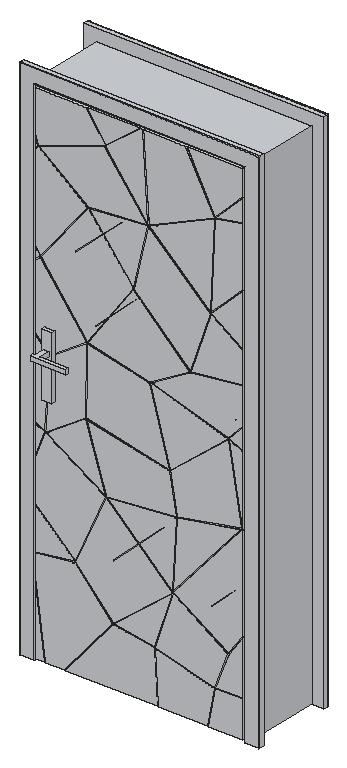
Revit family "PortaVECTORbp_K", category Drzwi, Revit 2016 (continued)
Definition of nested family "skrzydło"
  Automatic sketch dimensions
    Extrusion 3 sketch curve to Extrusion 3 sketch curve = 3.814 mm
    Extrusion 3 sketch curve to level = 220.122 mm
    Extrusion 3 sketch curve to Extrusion 3 sketch curve = 147.436 mm
    Extrusion 3 sketch curve to level = 228.22 mm
    Extrusion 3 sketch curve to Extrusion 3 sketch curve = 2.487 mm
    plane 5 to Extrusion 3 sketch curve = 242.417 mm
    Extrusion 3 sketch curve to Extrusion 3 sketch curve = 75.111 mm
    plane 5 to Extrusion 3 sketch curve = 247.97 mm
    Extrusion 3 sketch curve to Extrusion 3 sketch curve = 6.504 mm
    Extrusion 3 sketch curve to plane 5 = 555.925 mm
    Extrusion 3 sketch curve to Extrusion 3 sketch curve = 75.077 mm
    Extrusion 3 sketch curve to plane 5 = 550.98 mm
    Extrusion 3 sketch curve to Extrusion 3 sketch curve = 0.517 mm
    Extrusion 3 sketch curve to plane 5 = 558.404 mm
    Extrusion 3 sketch curve to Extrusion 3 sketch curve = 3.381 mm
    Extrusion 3 sketch curve to plane 5 = 550.292 mm
    Extrusion 3 sketch curve to Extrusion 3 sketch curve = 4.037 mm
    Extrusion 3 sketch curve to plane 5 = 555.002 mm
    Extrusion 3 sketch curve to Extrusion 3 sketch curve = 2.105 mm
    Extrusion 3 sketch curve to plane 5 = 211.679 mm
    Extrusion 3 sketch curve to Extrusion 3 sketch curve = 128.163 mm
    Extrusion 3 sketch curve to plane 5 = 215.785 mm
    Extrusion 3 sketch curve to Extrusion 3 sketch curve = 0.62 mm
    level to Extrusion 3 sketch curve = 149.732 mm
    Extrusion 3 sketch curve to Extrusion 3 sketch curve = 234.074 mm
    level to Extrusion 3 sketch curve = 153.584 mm
    Extrusion 3 sketch curve to Extrusion 3 sketch curve = 1.082 mm
    Extrusion 3 sketch curve to plane 5 = 209.281 mm
    Extrusion 3 sketch curve to Extrusion 3 sketch curve = 3.255 mm
    Extrusion 3 sketch curve to plane 5 = 214.306 mm
    Extrusion 3 sketch curve to Extrusion 3 sketch curve = 4.074 mm
    level to Extrusion 3 sketch curve = 149.256 mm
    Extrusion 3 sketch curve to Extrusion 3 sketch curve = 3.983 mm
    level to Extrusion 3 sketch curve = 153.293 mm
    Extrusion 3 sketch curve to Extrusion 3 sketch curve = 4.163 mm
    Extrusion 3 sketch curve to plane 5 = 209.509 mm
    Extrusion 3 sketch curve to Extrusion 3 sketch curve = 5.384 mm
    plane 7 to Extrusion 3 sketch curve = 1043.133 mm
    Extrusion 3 sketch curve to Extrusion 3 sketch curve = 145.135 mm
    plane 7 to Extrusion 3 sketch curve = 282.724 mm
    Extrusion 3 sketch curve to Extrusion 3 sketch curve = 47.268 mm
    plane 7 to Extrusion 3 sketch curve = 1040.251 mm
    Extrusion 3 sketch curve to Extrusion 3 sketch curve = 2.789 mm
    plane 7 to Extrusion 3 sketch curve = 286.24 mm
    Extrusion 3 sketch curve to Extrusion 3 sketch curve = 1.925 mm
    plane 7 to Extrusion 3 sketch curve = 1046.266 mm
    Extrusion 3 sketch curve to Extrusion 3 sketch curve = 3.531 mm
    plane 7 to Extrusion 3 sketch curve = 282.588 mm
    Extrusion 3 sketch curve to Extrusion 3 sketch curve = 4.221 mm
    plane 7 to Extrusion 3 sketch curve = 1040.677 mm
    Extrusion 3 sketch curve to Extrusion 3 sketch curve = 3.987 mm
    plane 7 to Extrusion 3 sketch curve = 1044.705 mm
    Extrusion 3 sketch curve to Extrusion 3 sketch curve = 0.769 mm
    plane 5 to Extrusion 3 sketch curve = 103.401 mm
    Extrusion 3 sketch curve to Extrusion 3 sketch curve = 140.482 mm
    plane 5 to Extrusion 3 sketch curve = 99.309 mm
    Extrusion 3 sketch curve to Extrusion 3 sketch curve = 0.208 mm
    plane 7 to Extrusion 3 sketch curve = 741.129 mm
    Extrusion 3 sketch curve to Extrusion 3 sketch curve = 250.234 mm
    plane 7 to Extrusion 3 sketch curve = 745.735 mm
    Extrusion 3 sketch curve to Extrusion 3 sketch curve = 2.863 mm
    plane 7 to Extrusion 3 sketch curve = 740.744 mm
    Extrusion 3 sketch curve to Extrusion 3 sketch curve = 4.923 mm
    plane 7 to Extrusion 3 sketch curve = 746.767 mm
    Extrusion 3 sketch curve to Extrusion 3 sketch curve = 3.879 mm
    plane 7 to Extrusion 3 sketch curve = 743.039 mm
    Extrusion 3 sketch curve to Extrusion 3 sketch curve = 1.465 mm
    Extrusion 3 sketch curve to plane 5 = 320.507 mm
    Extrusion 3 sketch curve to Extrusion 3 sketch curve = 217.546 mm
    Extrusion 3 sketch curve to plane 5 = 314.81 mm
    Extrusion 3 sketch curve to Extrusion 3 sketch curve = 0.062 mm
    Extrusion 3 sketch curve to plane 5 = 316.704 mm
    Extrusion 3 sketch curve to Extrusion 3 sketch curve = 3.58 mm
    plane 7 to Extrusion 3 sketch curve = 536.222 mm
    Extrusion 3 sketch curve to Extrusion 3 sketch curve = 126.271 mm
    plane 7 to Extrusion 3 sketch curve = 531.943 mm
    Extrusion 3 sketch curve to Extrusion 3 sketch curve = 1.844 mm
    plane 7 to Extrusion 3 sketch curve = 537.021 mm
    Extrusion 3 sketch curve to Extrusion 3 sketch curve = 4.208 mm
    plane 7 to Extrusion 3 sketch curve = 960.32 mm
    Extrusion 3 sketch curve to Extrusion 3 sketch curve = 184.672 mm
    plane 7 to Extrusion 3 sketch curve = 963.213 mm
    Extrusion 3 sketch curve to Extrusion 3 sketch curve = 3.375 mm
    Extrusion 3 sketch curve to plane 5 = 746.538 mm
    Extrusion 3 sketch curve to Extrusion 3 sketch curve = 205.298 mm
    Extrusion 3 sketch curve to plane 5 = 734.857 mm
    Extrusion 3 sketch curve to Extrusion 3 sketch curve = 2.351 mm
    Extrusion 3 sketch curve to plane 5 = 741.772 mm
    Extrusion 3 sketch curve to Extrusion 3 sketch curve = 5.666 mm
    Extrusion 3 sketch curve to plane 5 = 744.545 mm
    Extrusion 3 sketch curve to Extrusion 3 sketch curve = 1.668 mm
    plane 5 to Extrusion 3 sketch curve = 68.451 mm
    Extrusion 3 sketch curve to Extrusion 3 sketch curve = 181.722 mm
    plane 5 to Extrusion 3 sketch curve = 66.069 mm
    Extrusion 3 sketch curve to Extrusion 3 sketch curve = 3.268 mm
    plane 5 to Extrusion 3 sketch curve = 71.551 mm
    Extrusion 3 sketch curve to Extrusion 3 sketch curve = 2.366 mm
    plane 7 to Extrusion 3 sketch curve = 804.721 mm
    Extrusion 3 sketch curve to Extrusion 3 sketch curve = 40.899 mm
    plane 7 to Extrusion 3 sketch curve = 802.117 mm
    Extrusion 3 sketch curve to Extrusion 3 sketch curve = 4.82 mm
    Extrusion 3 sketch curve to plane 5 = 150.628 mm
    Extrusion 3 sketch curve to Extrusion 3 sketch curve = 119.559 mm
    Extrusion 3 sketch curve to plane 5 = 146.184 mm
    Extrusion 3 sketch curve to Extrusion 3 sketch curve = 2.037 mm
    Extrusion 3 sketch curve to plane 5 = 148.087 mm
    Extrusion 3 sketch curve to Extrusion 3 sketch curve = 4.868 mm
    level to Extrusion 3 sketch curve = 163.657 mm
    Extrusion 3 sketch curve to Extrusion 3 sketch curve = 321.631 mm
    level to Extrusion 3 sketch curve = 159.815 mm
    Extrusion 3 sketch curve to Extrusion 3 sketch curve = 5.719 mm
    plane 9 to Extrusion 3 sketch curve = 284.081 mm
    Extrusion 3 sketch curve to plane 3 "Środek (Lewa/Prawa)" = 76.154 mm
  Nested families
    nested 1: "KLAMKA" at (-454, -33.5, 1067), Materiał klamki <- "Materiał_klamka", type "KLAMKA"
      with Materiał klamki none
    nested 2: "KLAMKA" at (-454, 6.5, 1067), Materiał klamki <- "Materiał_klamka", type "KLAMKA"
      with Materiał klamki none
  Definition of nested family "KLAMKA"
    Parameters
      Materiał klamki [instance] = none
      Assembly Code = ""
      Default Elevation = 1219.2 mm
    Reference planes
      plane 1 "Center (Front/Back)": y = 0
      plane 2: z = 0
      plane 3 "Center (Left/Right)": x = 0
      plane 4: z = 125
      plane 5: z = -125
      plane 6: x = 20
      plane 7: x = -20
      plane 8: y = -70
      plane 9: y = -60
      plane 10: x = 10
      plane 11: x = -10
      plane 12: x = 120
      plane 13: z = 35
      plane 14: z = 55
      plane 15: y = -15
    Forms (mm)
      Extrusion 1, solid, material <- "Materiał klamki"
        sketch origin (0, 0, 0) x (1, 0, 0) y (0, 0, 1)
          loop
            line (-20, 125) -> (-20, -125) -> (20, -125) -> (20, 125) -> (-20, 125)
        from 0 to 15
      Extrusion 2, solid, material <- "Materiał klamki"
        sketch origin (0, 0, 0) x (1, 0, 0) y (0, 1, 0)
          loop
            line (-10, -15) -> (-10, -60) -> (-20, -60) -> (-20, -70) -> (120, -70) -> (120, -60) -> (10, -60) -> (10, -15) -> (-10, -15)
        from 35 to 55
    Dimensions and locks
      equal spacing: plane 4, plane 2, plane 5
      plane 4 to plane 5 = 250 mm
      equal spacing: plane 7, plane 3 "Center (Left/Right)", plane 6
      plane 7 to plane 6 = 40 mm
      plane 8 to plane 1 "Center (Front/Back)" = 70 mm
      plane 11 to plane 3 "Center (Left/Right)" to plane 10 = 10 mm locked, 10 mm locked
      plane 7 to plane 12 = 140 mm
      plane 15 to plane 1 "Center (Front/Back)" = 15 mm
      aligned and locked: plane 7 to Extrusion 1 sketch curve
      aligned and locked: Extrusion 1 sketch curve to plane 4
      aligned and locked: plane 5 to Extrusion 1 sketch curve
      aligned and locked: Extrusion 1 sketch curve to plane 6
      aligned and locked: plane 15 to Extrusion 1
      aligned and locked: Extrusion 1 to plane 1 "Center (Front/Back)"
      aligned and locked: plane 14 to Extrusion 2
      aligned and locked: Extrusion 2 to plane 13
    Automatic sketch dimensions
      Extrusion 2 sketch curve to plane 7 = 0 mm
      Extrusion 2 sketch curve to plane 9 = 0 mm  (x2)
      Extrusion 2 sketch curve to plane 11 = 0 mm
      Extrusion 2 sketch curve to plane 10 = 0 mm
      Extrusion 2 sketch curve to plane 12 = 0 mm
      Extrusion 2 sketch curve to plane 8 = 0 mm
      Extrusion 2 sketch curve to plane 15 = 0 mm
Types (5, lengths in mm): name | Szerokość brutto | Ss | Sb | Szerokość
  PN 70 | 780 | 718 | 746 | 700
  PN 60 | 680 | 618 | 646 | 600
  PN 80 | 880 | 818 | 846 | 800
  PN 90 | 980 | 918 | 946 | 900
  PN 100 | 1080 | 1018 | 1046 | 1000
